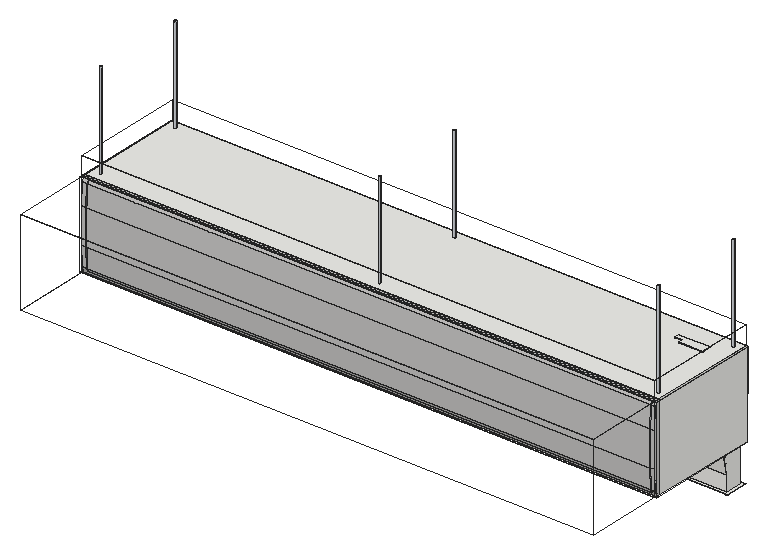
Revit family "AIRTECNICS_AIR CURTAIN_FLY KL_AIR ONLY (A)123", category Equipos mecánicos, Revit 2016
Family settings
  Tipo de pieza = Normal
  Cota de conector redondo = Diámetro de uso
  Número OmniClass = 23.75.70.21.17
  Título OmniClass = Air Curtains
  Se basa en plano de trabajo = No
  Siempre vertical = Sí
  Corte con vacíos al cargar = No
  Compartido = No
  Punto de cálculo de habitación = No
Parameters (values of type "FLY KL 3000 A")
  · OTHERS · [instance] = "-/ Select Supports - Inst.Maint. Space /-"  # constant formula
  · INSTALLATION CONFIGURATION · [instance] = "Horizontal"  # constant formula
  · HEATING · [instance] = "-/ Heating /-"  # constant formula
  · GRILLE TYPOLOGY · [instance] = "-/ Select one Grille Typology /-"  # constant formula
  Weight [instance] = size_lookup(Name_Lookup_Data, "Weight", 1.00 kg, CM, CT)  # 219.00 kg
  Voltage [instance] = 230 V  # constant formula
  URL_Manufacturer = "https://www.airtecnics.com"
  URL_Datasheet = "https://www.airtecnics.com/download/file/6904/fly-kl.pdf"
  Supports Length [instance] = 500.00 mm
  Supports (Horizontal) [instance] = yes
  Revit Version = "Revit 2016 - English"  # constant formula
  Review Date = "01/19"  # constant formula
  Remote Control = "-"  # constant formula
  Product Size = if(CT = 2, "1000", if(CT = 4, "1500", if(CT = 8, "2000", if(CT = 16, "2500", if(CT = 32, "3000", "Consult Manufacturer")))))  # "3000"
  Product Reference [instance] = size_lookup(Name_Lookup_Ref, "", "Consult Manufacturer", CM, CT)  # "FLY KL 3000 A"
  Product Heating [instance] = "Air"  # constant formula
  Product Description [instance] = size_lookup(Name_Lookup_Data, "", "Consult Manufacturer", CM, CT)  # "Specially designed for insects control at entranceways such as food establishments and industry, hospitals or clean zones.\r\nHigh velocity air barrier to prevent flying insects from entering a building.\r\nUp to 3 meters height doors according to NSF 37 standard.\r\nSelf-supporting casing construction made of galvanized steel plate, finished in structural epoxy-polyester painting white colour RAL9016 as standard. Other colours or stainless steel are available on request. \r\nLarge faceted inlet grille avoiding intensive maintenance. \r\nIncludes antiinsects outlet kit with anodized aluminium outlet vanes, airfoil shaped, adjustable from 0 to 15º each side.\r\nDouble-inlet centrifugal fans driven by an external rotor motor and low noise level. 5-speed selector. \r\n“A” type without heating, air only. \r\nIncludes Plug&Play Hand Auto control with 10m RJ45 cable and magnetical door contact. Optional: Clever control (programmable, automatic, intelligent, energy saving, Modbus RTU for BMS…)\r\nAir Volume: 12000 m3/h \r\nFans:  3,12 kW  13,2 A 230Vx1 50Hz\r\nDimensions: 600x650x3000 mm (depth, height, length)"
  Power Fans Factor [instance] = size_lookup(Name_Lookup_Data, "Power Fans Factor", 1, CM, CT)  # 0.98
  Power Fans [instance] = size_lookup(Name_Lookup_Data, "Power Fans", 1 kW, CM, CT)  # 3.12 kW
  Noise Level (dB(A)) [instance] = size_lookup(Name_Lookup_Data, "Noise Level (dB(A))", 1, CM, CT)  # 67
  Name_Lookup_Ref = "FLY KL_(A)_Ref_Lookup"  # constant formula
  Name_Lookup_Data = "FLY KL_(A)_Data_Lookup"  # constant formula
  Maximum Installation Height = 3000.00 mm  # constant formula
  Material Curtain [instance] = AIRTECNICS_White RAL 9016
  Length = L + Depth - Depth  # 3000.00 mm
  KI [instance] = yes
  K [instance] = not(KI)  # no
  IfcExportType = "CENTRIFUGALFORWARDCURVED"  # constant formula
  IfcExportAs = "IfcFanType"  # constant formula
  Horizontal [instance] = 1 = 1  # yes
  Height = 650.00 mm  # constant formula
  Frequency = 50 Hz  # constant formula
  Fans Stage = 5  # constant formula
  Family Version = "1.0"  # constant formula
  EC = yes
  Depth = 600.00 mm  # constant formula
  Current Fans [instance] = size_lookup(Name_Lookup_Data, "Current Fans", 1 A, CM, CT)  # 13.2 A
  Created by = "BIMETRICAL"  # constant formula
  Control [instance] = "CH-5HW-NE"  # constant formula
  Cable = "CB10"  # constant formula
  URL = "https://www.airtecnics.com/products/air-curtain-fly-kl"
  Modelo = "Air curtain Fly KL"  # constant formula
  L = 3000.00 mm
  Imagen de tipo = <Ninguno>
  Fabricante = "AIRTECNICS"  # constant formula
  Description = ""
  Comentarios de tipo = "Specially designed for insects control at entranceways such as food establishments and industry, hospitals or clean zones.\r\nHigh velocity air barrier to prevent flying insects from entering a building.\r\nUp to 3 meters height doors according to NSF 37 standard.\r\nSelf-supporting casing construction made of galvanized steel plate, finished in structural epoxy-polyester painting white colour RAL9016 as standard. Other colours or stainless steel are available on request.\r\nLarge faceted inlet grille avoiding intensive maintenance.\r\nIncludes antiinsects outlet kit with anodized aluminium outlet vanes, airfoil shaped, adjustable from 0 to 15º each side.\r\nIncludes Plug&Play Hand Auto control with 10m RJ45 cable and magnetical door contact. Optional: Clever control (programmable, automatic, intelligent, energy saving, Modbus RTU for BMS…)"  # constant formula
  CT = if(L = 1000.00 mm, 2, 0) + if(L = 1500.00 mm, 4, 0) + if(L = 2000.00 mm, 8, 0) + if(L = 2500.00 mm, 16, 0) + if(L = 3000.00 mm, 32, 0)  # 32
  CM = 12  # constant formula
  BIMETRICAL Category = "Fan"  # constant formula
  BIMETRICAL = "http://www.bimetrical.com/"  # constant formula
  Aspiration/Maintenance Space [instance] = yes
  Apparent Load [instance] = size_lookup(Name_Lookup_Data, "Apparent Load", 1 VA, CM, CT)  # 3184 VA
  Airflow [instance] = size_lookup(Name_Lookup_Data, "Airflow", 1 m³/h, CM, CT)  # 12000 m³/h
  A [instance] = 1 = 1  # yes
Types (5, lengths in mm): name | Weight | Product Size | Product Reference | Product Description | Power Fans | Noise Level (dB(A)) | Length | KI | K | Current Fans | L | CT | Apparent Load | Airflow
  FLY KL 1000 A | 74.00 kg | "1000" | "FLY KL 1000 A" | "Specially designed for insects control at entranceways such as food establishments and industry, hospitals or clean zones.\r\nHigh velocity air barrier to prevent flying insects from entering a building.\r\nUp to 3 meters height doors according to NSF 37 standard.\r\nSelf-supporting casing construction made of galvanized steel plate, finished in structural epoxy-polyester painting white colour RAL9016 as standard. Other colours or stainless steel are available on request. \r\nLarge faceted inlet grille avoiding intensive maintenance. \r\nIncludes antiinsects outlet kit with anodized aluminium outlet vanes, airfoil shaped, adjustable from 0 to 15º each side.\r\nDouble-inlet centrifugal fans driven by an external rotor motor and low noise level. 5-speed selector. \r\n“A” type without heating, air only. \r\nIncludes Plug&Play Hand Auto control with 10m RJ45 cable and magnetical door contact. Optional: Clever control (programmable, automatic, intelligent, energy saving, Modbus RTU for BMS…)\r\nAir Volume: 4000 m3/h \r\nFans:  1,04 kW  4,4 A 230Vx1 50Hz\r\nDimensions: 600x650x1000 mm (depth, height, length)" | 1.04 kW | 63 | 1000.00 | no | yes | 4.4 A | 1000.00 | 2 | 1061 VA | 4000 m³/h
  FLY KL 1500 A | 111.00 kg | "1500" | "FLY KL 1500 A" | "Specially designed for insects control at entranceways such as food establishments and industry, hospitals or clean zones.\r\nHigh velocity air barrier to prevent flying insects from entering a building.\r\nUp to 3 meters height doors according to NSF 37 standard.\r\nSelf-supporting casing construction made of galvanized steel plate, finished in structural epoxy-polyester painting white colour RAL9016 as standard. Other colours or stainless steel are available on request. \r\nLarge faceted inlet grille avoiding intensive maintenance. \r\nIncludes antiinsects outlet kit with anodized aluminium outlet vanes, airfoil shaped, adjustable from 0 to 15º each side.\r\nDouble-inlet centrifugal fans driven by an external rotor motor and low noise level. 5-speed selector. \r\n“A” type without heating, air only. \r\nIncludes Plug&Play Hand Auto control with 10m RJ45 cable and magnetical door contact. Optional: Clever control (programmable, automatic, intelligent, energy saving, Modbus RTU for BMS…)\r\nAir Volume: 6000 m3/h \r\nFans:  1,56 kW  6,6 A 230Vx1 50Hz\r\nDimensions: 600x650x1500 mm (depth, height, length)" | 1.56 kW | 64 | 1500.00 | no | yes | 6.6 A | 1500.00 | 4 | 1592 VA | 6000 m³/h
  FLY KL 2000 A | 149.00 kg | "2000" | "FLY KL 2000 A" | "Specially designed for insects control at entranceways such as food establishments and industry, hospitals or clean zones.\r\nHigh velocity air barrier to prevent flying insects from entering a building.\r\nUp to 3 meters height doors according to NSF 37 standard.\r\nSelf-supporting casing construction made of galvanized steel plate, finished in structural epoxy-polyester painting white colour RAL9016 as standard. Other colours or stainless steel are available on request. \r\nLarge faceted inlet grille avoiding intensive maintenance. \r\nIncludes antiinsects outlet kit with anodized aluminium outlet vanes, airfoil shaped, adjustable from 0 to 15º each side.\r\nDouble-inlet centrifugal fans driven by an external rotor motor and low noise level. 5-speed selector. \r\n“A” type without heating, air only. \r\nIncludes Plug&Play Hand Auto control with 10m RJ45 cable and magnetical door contact. Optional: Clever control (programmable, automatic, intelligent, energy saving, Modbus RTU for BMS…)\r\nAir Volume: 8000 m3/h \r\nFans:  2,08 kW  8,8 A 230Vx1 50Hz\r\nDimensions: 600x650x2000 mm (depth, height, length)" | 2.08 kW | 65 | 2000.00 | no | yes | 8.8 A | 2000.00 | 8 | 2122 VA | 8000 m³/h
  FLY KL 2500 A | 182.00 kg | "2500" | "FLY KL 2500 A" | "Specially designed for insects control at entranceways such as food establishments and industry, hospitals or clean zones.\r\nHigh velocity air barrier to prevent flying insects from entering a building.\r\nUp to 3 meters height doors according to NSF 37 standard.\r\nSelf-supporting casing construction made of galvanized steel plate, finished in structural epoxy-polyester painting white colour RAL9016 as standard. Other colours or stainless steel are available on request. \r\nLarge faceted inlet grille avoiding intensive maintenance. \r\nIncludes antiinsects outlet kit with anodized aluminium outlet vanes, airfoil shaped, adjustable from 0 to 15º each side.\r\nDouble-inlet centrifugal fans driven by an external rotor motor and low noise level. 5-speed selector. \r\n“A” type without heating, air only. \r\nIncludes Plug&Play Hand Auto control with 10m RJ45 cable and magnetical door contact. Optional: Clever control (programmable, automatic, intelligent, energy saving, Modbus RTU for BMS…)\r\nAir Volume: 10000 m3/h \r\nFans:  2,6 kW  11 A 230Vx1 50Hz\r\nDimensions: 600x650x2500 mm (depth, height, length)" | 2.6 kW | 66 | 2500.00 | no | yes | 11 A | 2500.00 | 16 | 2653 VA | 10000 m³/h
  FLY KL 3000 A | 219.00 kg | "3000" | "FLY KL 3000 A" | "Specially designed for insects control at entranceways such as food establishments and industry, hospitals or clean zones.\r\nHigh velocity air barrier to prevent flying insects from entering a building.\r\nUp to 3 meters height doors according to NSF 37 standard.\r\nSelf-supporting casing construction made of galvanized steel plate, finished in structural epoxy-polyester painting white colour RAL9016 as standard. Other colours or stainless steel are available on request. \r\nLarge faceted inlet grille avoiding intensive maintenance. \r\nIncludes antiinsects outlet kit with anodized aluminium outlet vanes, airfoil shaped, adjustable from 0 to 15º each side.\r\nDouble-inlet centrifugal fans driven by an external rotor motor and low noise level. 5-speed selector. \r\n“A” type without heating, air only. \r\nIncludes Plug&Play Hand Auto control with 10m RJ45 cable and magnetical door contact. Optional: Clever control (programmable, automatic, intelligent, energy saving, Modbus RTU for BMS…)\r\nAir Volume: 12000 m3/h \r\nFans:  3,12 kW  13,2 A 230Vx1 50Hz\r\nDimensions: 600x650x3000 mm (depth, height, length)" | 3.12 kW | 67 | 3000.00 | yes | no | 13.2 A | 3000.00 | 32 | 3184 VA | 12000 m³/h
Reference planes
  plane 1 "Centro (Frontal/Posterior)": z = 0
  plane 2: y = 246.57
  plane 3 "Centro (Izquierda/Derecha)": x = 0
  plane 4: z = 0
Lines and regions (mm)
  reference lines
    curve 1: line (0, 246.57, -130) -> (0, 246.57, 0)
Dimensions and locks
  plane 4 to plane 1 "Centro (Frontal/Posterior)" = 0.00 mm
  nested 1 to nested 1 = 0.00 mm
  angle plane 1 "Centro (Frontal/Posterior)" to curve 1 = 90.00°
Nested families
  nested 1: "GEOM_FLY KLXL" at (0, 0, -130), K <- "K", KI <- "KI", Support Length <- "Supports Length", Aspiration/Maintenance Space <- "Aspiration/Maintenance Space", Supports (Horizontal) <- "Supports (Horizontal)", type "GEOM_FLY KLXL"
    with VSSL yes, VSSC yes, Supports (Horizontal) yes, Support Length 500.00 mm, Outlet Kit Length 0.00 mm, OK no, L6 30.00 mm, L4 2955.00 mm, L3 500.00 mm, L2 86.70 mm, L1* 983.00 mm, L1 1008.50 mm, KI yes, K no, Inlet Kit Length 0.00 mm, Grille none, Free Hanging yes, CG 4, CC 0, Aspiration/Maintenance Space yes, L 3000.00 mm
Connectors
  electrical at (1287.857, 410.313, 321), driven by "Voltage", driven by "Apparent Load", driven by "Apparent Load", driven by "Power Fans Factor"
    settings: on nested 1, index 1, voltage 230 V, apparent load 3184 VA, apparent load phase1 3184 VA, apparent load phase2 0 VA, apparent load phase3 0 VA, power factor 0.98, load classification "HVAC", number of poles 1, system type 30, power factor state 1, is connector primary yes, connector utility no, sub classification motor no, connector description ""
Definition of nested family "GEOM_FLY KLXL"
  Parameters (values of type "GEOM_FLY KLXL")
    VSSL [instance] = if(and([Supports (Horizontal)], Free Hanging, [Supports (Horizontal)], Support Length > 0.00 mm), 1 = 1, 1 = 0)  # yes
    VSSC [instance] = if(and([Supports (Horizontal)], Free Hanging, [Supports (Horizontal)], Support Length > 0.00 mm, L > 1000.00 mm), 1 = 1, 1 = 0)  # yes
    Supports (Horizontal) [instance] = yes
    Support Length [instance] = 100.00 mm
    Revit Version = "Revit 2016 - English"  # constant formula
    Review Date = "01/19"  # constant formula
    Material = none
    L6 [instance] = if(CG < 4, 14.40 mm, 30.00 mm)  # 30.00 mm
    L4 [instance] = L - 8.00 mm - 37.00 mm  # 2455.00 mm
    L1* [instance] = if(L < 2500.00 mm, 0.00 mm, if(L = 2500.00 mm, 825.00 mm, 983.00 mm))  # 825.00 mm
    KI [instance] = not(K)  # yes
    L2 [instance] = 86.70 mm  # constant formula
    L3 [instance] = if(Support Length = 0.00 mm, 0.00 mm, Support Length)  # 100.00 mm
    L1 [instance] = if(L < 2500.00 mm, (L / 2), if(L = 2500.00 mm, 837.50 mm, 1008.50 mm))  # 837.50 mm
    K [instance] = no
    OK [instance] = if(or(CC = 2, CC = 4, CC = 16), 1 = 1, 1 = 0)  # yes
    Grille KI = GEOM_WINDBOX LXL_GRILLE : KI
    Grille K = GEOM_WINDBOX LXL_GRILLE : KB
    Grille [instance] = if(KI, Grille KI, Grille K)  # GEOM_WINDBOX LXL_GRILLE : KI
    Free Hanging [instance] = 1 = 1  # yes
    Family Version = "1.0"  # constant formula
    Default Elevation = 1219.20 mm
    Created by = "BIMETRICAL"  # constant formula
    CG [instance] = if(KI, 4, 8)  # 4
    CC [instance] = 2
    URL = ""
    Model = "Air curtain FLY KL"  # constant formula
    L = 2500.00 mm
    Type Image = (empty or 0)
    Manufacturer = "AIRTECNICS"  # constant formula
    Outlet Kit Length [instance] = 0.00 mm  # constant formula
    Inlet Kit Length [instance] = 0.00 mm  # constant formula
    Description = "AIRTECNICS_Air curtain FLY KL"  # constant formula
    Type Comments = ""
    BIMETRICAL Category = "Fan"  # constant formula
    BIMETRICAL = "http://www.bimetrical.com/"  # constant formula
    Aspiration/Maintenance Space [instance] = no
  Types (2, lengths in mm): name | VSSL | VSSC | Supports (Horizontal) | L4 | L1* | L1 | OK | CC | L
    GEOM_FLY KLXL | yes | yes | yes | 2455.00 | 825.00 | 837.50 | yes | 2 | 2500.00
    GEOM_FLY KL | no | no | no | 2955.00 | 983.00 | 1008.50 | no | 0 | 3000.00
  Reference planes
    plane 1 "Centro (Frontal/Posterior)": z = 0
    plane 2: y = 246.57
    plane 3 "Centro (Izquierda/Derecha)": x = 0
    plane 4: z = 450
    plane 5: x = -1250
    plane 6: x = 1250
    plane 7: x = -1210
    plane 8: x = 1210
    plane 9: z = 0
    plane 10: z = 130
    plane 11: x = 1225
    plane 12: y = 531.57
    plane 13: y = -38.43
    plane 14: y = 496.57
    plane 15: y = 6.57
    plane 16: y = 496.57
    plane 17: y = 6.57
    plane 18: z = 432
    plane 19: z = 239
    plane 20: x = 1246
    plane 21: x = -1246
    plane 22: x = -1246
    plane 23: x = 1246
    plane 24: x = -1227
    plane 25: x = 1227
    plane 26: x = -420.5
    plane 27: x = -426.5
    plane 28: x = -404.5
    plane 29: x = -398.5
    plane 30: x = -412.5
    plane 31: x = -420.5
    plane 32: x = -426.5
    plane 33: x = -404.5
    plane 34: x = -398.5
    plane 35: x = -412.5
    plane 36: x = 404.5
    plane 37: x = 398.5
    plane 38: x = 420.5
    plane 39: x = 426.5
    plane 40: x = 412.5
    plane 41: z = 225
  Forms (mm)
    Extrusion 1, solid, material <- "Material"
      sketch origin (0, 0, 0) x (1, 0, 0) y (0, 1, 0)
        loop
          line (-1250, 531.57) -> (-1250, -38.43) -> (1250, -38.43) -> (1250, 531.57) -> (-1250, 531.57)
      from 0 to 450
    Extrusion 2, solid, material <- "Material"
      sketch origin (559.734, 0, 191) x (1, 0, 0) y (0, 1, 0)
        loop
          line (582.918, 430.448) -> (455.516, 430.448) -> (455.516, 426.451) -> (418.544, 426.451) -> (418.544, 403.169) -> (455.516, 403.169) -> (455.516, 381.186) -> (582.918, 381.186) -> (582.918, 430.448)
      from 260 to 259
    Extrusion 3, solid, material <- "Material"
      sketch origin (0, 90, -82) x (0, 1, 0) y (0, 0, 1)
        loop
          line (424.72, 72.4) -> (424.72, 81) -> (422.72, 81) -> (422.72, 72.4) -> (422.72, -117) -> (424.72, -117) -> (424.72, 72.4)
        loop
          line (343.648, -38.617) -> (343.648, -117) -> (345.648, -117) -> (345.648, -38.418) -> (321.634, 81) -> (319.594, 81) -> (343.648, -38.617)
      from -1226 to 1226
    Extrusion 4, solid, visible <- "VSSL", not visible
      sketch origin (-399.625, -328.372, -84.071) x (0, 1, 0) y (0, 0, 1)
        loop
          line (332.442, 36.993) -> (332.442, 4.993) -> (364.442, 4.993) -> (364.442, 36.993) -> (332.442, 36.993)
      from -22.292 to -19.292
    Extrusion 5, solid, visible <- "VSSL", not visible
      sketch origin (-405.978, -340.372, -103.071) x (0, 1, 0) y (0, 0, 1)
        loop
          line (325.442, 75.234) -> (325.442, 5.234) -> (395.442, 5.234) -> (395.442, 75.234) -> (325.442, 75.234)
      from -12.939 to -0.939
    Extrusion 6, solid, visible <- "VSSL", not visible
      sketch origin (-384.625, -328.372, -84.071) x (0, 1, 0) y (0, 0, 1)
        loop
          line (332.442, 36.993) -> (332.442, 4.993) -> (364.442, 4.993) -> (364.442, 36.993) -> (332.442, 36.993)
      from -22.292 to -19.292
    Extrusion 7, solid, not visible
      sketch origin (-1202.417, -101.872, 27.291) x (0, 1, 0) y (0, 0, 1)
        loop
          line (332.442, 37.234) -> (332.442, 5.234) -> (364.442, 5.234) -> (364.442, 37.234) -> (332.442, 37.234)
      from -3 to 3
    Extrusion 8, solid, visible <- "VSSL"
      sketch origin (-2000, -1524, 450) x (-1, 0, 0) y (0, -1, 0)
        loop
          circle (-790, -2020.57) r 5
        loop
          circle (-790, -1530.57) r 5
        loop
          circle (-3210, -1530.57) r 5
        loop
          circle (-3210, -2020.57) r 5
      from -2 to 100
    Extrusion 9, solid, visible <- "VSSC"
      sketch origin (-2000, -1524, 450) x (-1, 0, 0) y (0, -1, 0)
        loop
          circle (-2000, -1530.57) r 5
        loop
          circle (-2000, -2020.57) r 5
      from -2 to 100
    Extrusion 10, solid, visible <- "Aspiration/Maintenance Space"
      sketch origin (0, 0, 0) x (1, 0, 0) y (0, 1, 0)
        loop
          line (-1250, 531.57) -> (-1260, 531.57) -> (-1260, -68.43) -> (-1250, -68.43) -> (-1250, 531.57)
        loop
          line (1250, 531.57) -> (1250, -68.43) -> (1260, -68.43) -> (1260, 531.57) -> (1250, 531.57)
      from 0 to 450
    Extrusion 11, solid, visible <- "Aspiration/Maintenance Space"
      sketch origin (0, 0, 0) x (1, 0, 0) y (0, 1, 0)
        loop
          line (-1250, -68.43) -> (-1250, -468.43) -> (1250, -468.43) -> (1250, -68.43) -> (-1250, -68.43)
      from 0 to 450
    Extrusion 12, solid, visible <- "Aspiration/Maintenance Space"
      sketch origin (0, 0, 0) x (0, 1, 0) y (0, 0, 1)
        loop
          line (531.57, 450) -> (531.57, 550) -> (-68.43, 550) -> (-68.43, 450) -> (531.57, 450)
      from -1250 to 1250
    Extrusion 13, solid, material <- "Material"
      sketch origin (0, 433.72, -199) x (1, 0, 0) y (0, -1, 0)
        loop
          line (1227, 0) -> (-1227, 0) -> (-1227, -81) -> (1227, -81) -> (1227, 0)
        loop
          line (1246, -100) -> (1246, 19) -> (-1246, 19) -> (-1246, -100) -> (1246, -100)
      from 0 to 1
    Extrusion 14, solid, material <- "Material"
      sketch origin (0, 433.72, 0) x (1, 0, 0) y (0, -1, 0)
        loop
          line (1227, -81) -> (1227, 24.126) -> (-1227, 24.126) -> (-1227, -81) -> (1227, -81)
        loop
          line (1246, -94) -> (1246, 37.086) -> (-1246, 37.086) -> (-1246, -94) -> (1246, -94)
      from 0 to 1
    Extrusion 15, solid, material <- "Material"
      sketch origin (1477, 565.946, 1201) x (0, 1, 0) y (0, 0, 1)
        loop
          line (-51.227, -1201) -> (-156.554, -1201) -> (-132.298, -1321.617) -> (-132.298, -1400) -> (-51.227, -1400) -> (-51.227, -1209.6) -> (-51.227, -1201)
      from -250 to -251
    Extrusion 16, solid, material <- "Material"
      sketch origin (-1472.5, 565.946, 1201) x (0, 1, 0) y (0, 0, -1)
        loop
          line (-51.227, 1201) -> (-51.227, 1209.6) -> (-51.227, 1400) -> (-132.298, 1400) -> (-132.298, 1321.617) -> (-156.554, 1201) -> (-51.227, 1201)
      from -246.5 to -245.5
    Extrusion 17, solid
      sketch origin (66.939, 117.328, -205.234) x (0, 1, 0) y (0, 0, 1)
        loop
          line (318.32, 75.234) -> (318.32, 5.234) -> (395.442, 5.234) -> (395.442, 75.234) -> (318.32, 75.234)
      from -487.439 to -471.439
    Extrusion 18, solid
      sketch origin (70.292, 125.767, -186.234) x (0, 1, 0) y (0, 0, 1)
        loop
          line (349.842, 36.993) -> (349.842, 4.993) -> (385.552, 4.993) -> (385.552, 36.993) -> (349.842, 36.993)
        loop
          line (347.042, 36.993) -> (311.332, 36.993) -> (311.332, 4.993) -> (347.042, 4.993) -> (347.042, 36.993)
      from -496.792 to -490.792
    Extrusion 19, solid
      sketch origin (92.292, 125.767, -186.234) x (0, 1, 0) y (0, 0, 1)
        loop
          line (349.842, 36.993) -> (349.842, 4.993) -> (385.552, 4.993) -> (385.552, 36.993) -> (349.842, 36.993)
        loop
          line (347.042, 36.993) -> (311.332, 36.993) -> (311.332, 4.993) -> (347.042, 4.993) -> (347.042, 36.993)
      from -496.792 to -490.792
    Extrusion 20, solid, not visible
      sketch origin (66.939, 117.328, -205.234) x (0, 1, 0) y (0, 0, 1)
        loop
          line (318.32, 75.234) -> (318.32, 5.234) -> (395.442, 5.234) -> (395.442, 75.234) -> (318.32, 75.234)
      from -487.439 to -471.439
    Extrusion 21, solid, not visible
      sketch origin (70.292, 125.767, -186.234) x (0, 1, 0) y (0, 0, 1)
        loop
          line (349.842, 36.993) -> (349.842, 4.993) -> (385.552, 4.993) -> (385.552, 36.993) -> (349.842, 36.993)
        loop
          line (347.042, 36.993) -> (311.332, 36.993) -> (311.332, 4.993) -> (347.042, 4.993) -> (347.042, 36.993)
      from -496.792 to -490.792
    Extrusion 22, solid, not visible
      sketch origin (92.292, 125.767, -186.234) x (0, 1, 0) y (0, 0, 1)
        loop
          line (349.842, 36.993) -> (349.842, 4.993) -> (385.552, 4.993) -> (385.552, 36.993) -> (349.842, 36.993)
        loop
          line (347.042, 36.993) -> (311.332, 36.993) -> (311.332, 4.993) -> (347.042, 4.993) -> (347.042, 36.993)
      from -496.792 to -490.792
    Extrusion 23, solid
      sketch origin (891.939, 117.328, -205.234) x (0, 1, 0) y (0, 0, 1)
        loop
          line (318.32, 75.234) -> (318.32, 5.234) -> (395.442, 5.234) -> (395.442, 75.234) -> (318.32, 75.234)
      from -487.439 to -471.439
    Extrusion 24, solid
      sketch origin (895.292, 125.767, -186.234) x (0, 1, 0) y (0, 0, 1)
        loop
          line (349.842, 36.993) -> (349.842, 4.993) -> (385.552, 4.993) -> (385.552, 36.993) -> (349.842, 36.993)
        loop
          line (347.042, 36.993) -> (311.332, 36.993) -> (311.332, 4.993) -> (347.042, 4.993) -> (347.042, 36.993)
      from -496.792 to -490.792
    Extrusion 25, solid
      sketch origin (917.292, 125.767, -186.234) x (0, 1, 0) y (0, 0, 1)
        loop
          line (349.842, 36.993) -> (349.842, 4.993) -> (385.552, 4.993) -> (385.552, 36.993) -> (349.842, 36.993)
        loop
          line (347.042, 36.993) -> (311.332, 36.993) -> (311.332, 4.993) -> (347.042, 4.993) -> (347.042, 36.993)
      from -496.792 to -490.792
    Extrusion 26, solid
      sketch origin (-1227, -1524, -200) x (0, 0, 1) y (0, -1, 0)
        loop
          line (50.759, -1999.609) -> (18.759, -1999.609) -> (18.759, -2035.319) -> (50.759, -2035.319) -> (50.759, -1999.609)
        loop
          line (50.759, -1996.809) -> (50.759, -1961.099) -> (18.759, -1961.099) -> (18.759, -1996.809) -> (50.759, -1996.809)
      from 1 to 6
    Extrusion 27, solid
      sketch origin (1227, -1524, -200) x (0, 0, 1) y (0, -1, 0)
        loop
          line (50.759, -1999.609) -> (18.759, -1999.609) -> (18.759, -2035.319) -> (50.759, -2035.319) -> (50.759, -1999.609)
        loop
          line (50.759, -1996.809) -> (50.759, -1961.099) -> (18.759, -1961.099) -> (18.759, -1996.809) -> (50.759, -1996.809)
      from -1 to -7
    Extrusion 28, solid
      sketch origin (0, 0, 0) x (0, 1, 0) y (0, 0, 1)
        loop
          line (483.491, -140.964) -> (485.889, -195.559)
          arc (485.889, -195.559) -> (487.337, -196.945) -> (488.786, -195.559) r 1.45
          line (488.786, -195.559) -> (491.184, -140.964)
          arc (491.184, -140.964) -> (487.337, -136.945) -> (483.491, -140.964) r 3.85
        loop
          line (457.142, -140.964) -> (459.54, -195.559)
          arc (459.54, -195.559) -> (460.989, -196.945) -> (462.437, -195.559) r 1.45
          line (462.437, -195.559) -> (464.835, -140.964)
          arc (464.835, -140.964) -> (460.989, -136.945) -> (457.142, -140.964) r 3.85
      from -1221 to 1220
  Cuts and joins
    joined: Extrusion 3, Extrusion 13, Extrusion 14
  Lines and regions (mm)
    symbolic lines, visible <- "Aspiration/Maintenance Space"
      curve 1: line (-1250, 531.57, 0) -> (-1260, 531.57, 0)
      curve 2: line (-1260, 531.57, 0) -> (-1260, -68.43, 0)
      curve 3: line (-1260, -68.43, 0) -> (-1250, -68.43, 0)
      curve 4: line (-1250, -68.43, 0) -> (-1250, -268.43, 0)
      curve 5: line (-1250, -268.43, 0) -> (1250, -268.43, 0)
      curve 6: line (1250, -268.43, 0) -> (1250, -68.43, 0)
      curve 7: line (1250, -68.43, 0) -> (1260, -68.43, 0)
      curve 8: line (1260, -68.43, 0) -> (1260, 531.57, 0)
      curve 16: line (0, 531.57, 450) -> (0, 531.57, 550)
      curve 17: line (0, 531.57, 550) -> (0, -68.43, 550)
      curve 18: line (0, -68.43, 550) -> (0, -68.43, 450)
      curve 19: line (0, -68.43, 450) -> (0, -468.43, 450)
      curve 20: line (0, -468.43, 450) -> (0, -468.43, 0)
      curve 21: line (0, -468.43, 0) -> (0, -38.43, 0)
      curve 22: line (-1250, 246.57, 0) -> (-1260, 246.57, 0)
      curve 23: line (-1260, 246.57, 0) -> (-1260, 246.57, 450)
      curve 24: line (-1260, 246.57, 450) -> (-1250, 246.57, 450)
      curve 25: line (-1250, 246.57, 450) -> (-1250, 246.57, 550)
      curve 26: line (-1250, 246.57, 550) -> (1250, 246.57, 550)
      curve 27: line (1250, 246.57, 550) -> (1250, 246.57, 450)
      curve 28: line (1250, 246.57, 450) -> (1260, 246.57, 450)
      curve 29: line (1260, 246.57, 450) -> (1260, 246.57, 0)
      curve 30: line (1260, 246.57, 0) -> (1250, 246.57, 0)
      curve 31: line (1260, 531.57, 0) -> (1250, 531.57, 0)
    symbolic lines
      curve 9: line (-1250, 531.57, 0) -> (1250, 531.57, 0)
      curve 10: line (-1250, -38.43, 0) -> (-1250, 531.57, 0)
      curve 11: line (1250, -38.43, 0) -> (-1250, -38.43, 0)
      curve 12: line (1250, 531.57, 0) -> (1250, -38.43, 0)
      curve 13: line (-1250, -38.43, 0) -> (-1250, -68.43, 0)
      curve 14: line (-1250, -68.43, 0) -> (1250, -68.43, 0)
      curve 15: line (1250, -68.43, 0) -> (1250, -38.43, 0)
      curve 32: line (-1221, 491.187, -200.041) -> (1220, 491.187, -200.041)
      curve 33: line (-1221, 483.487, -200.041) -> (-1221, 491.187, -200.041)
      curve 34: line (1220, 483.487, -200.041) -> (-1221, 483.487, -200.041)
      curve 35: line (1220, 491.187, -200.041) -> (1220, 483.487, -200.041)
      curve 36: line (-1221, 464.835, -200.041) -> (1220, 464.835, -200.041)
      curve 37: line (-1221, 457.139, -200.041) -> (-1221, 464.835, -200.041)
      curve 38: line (1220, 457.139, -200.041) -> (-1221, 457.139, -200.041)
      curve 39: line (1220, 464.835, -200.041) -> (1220, 457.139, -200.041)
  Dimensions and locks
    locked: plane 4 to plane 1 "Centro (Frontal/Posterior)" at 450
    "L": plane 5 to plane 6
    locked: plane 5 to plane 7 at 40
    locked: plane 8 to plane 6 at 40
    plane 1 "Centro (Frontal/Posterior)" to plane 10 = 130.00 mm
    equal spacing: Extrusion 1 sketch curve, plane 2, Extrusion 1 sketch curve
    locked: plane 2 to Extrusion 1 sketch curve at 285
    locked: plane 11 to plane 6 at 25
    locked: Extrusion 4 sketch curve to Extrusion 4 sketch curve at 32  (x2)
    Extrusion 5 sketch curve to Extrusion 5 sketch curve = 70.00 mm
    locked: Extrusion 6 sketch curve to Extrusion 6 sketch curve at 32  (x2)
    locked: Extrusion 7 sketch curve to Extrusion 7 sketch curve at 32  (x2)
    equal spacing: plane 13, plane 2, plane 12
    plane 12 to plane 13 = 570.00 mm
    locked: plane 14 to plane 12 at 35
    locked: plane 15 to plane 14 at 490
    "L3": Extrusion 8 to plane 4
    plane 12 to plane 16 to plane 17 = 35.00 mm locked, 490.00 mm locked
    "L3": Extrusion 9 to plane 4
    locked: plane 18 to plane 4 at 18
    locked: plane 19 to plane 18 at 193
    locked: Extrusion 10 sketch curve to plane 5 at 10
    locked: plane 6 to Extrusion 10 sketch curve at 10
    locked: Extrusion 11 sketch curve to Extrusion 11 sketch curve at 400
    plane 13 to Extrusion 12 = 30.00 mm
    "L6": plane 13 to Extrusion 12 sketch curve
    "L6": Extrusion 10 sketch curve to plane 13
    "L6": plane 13 to Extrusion 10 sketch curve
    "L6": curve 14 to plane 13
    "L6": plane 13 to Extrusion 11
    plane 4 to plane 9 = 450.00 mm
    locked: Extrusion 2 to plane 4 at 1
    locked: Extrusion 2 sketch curve to Extrusion 2 sketch curve at 36.972
    locked: Extrusion 2 sketch curve to Extrusion 2 sketch curve at 127.402
    locked: Extrusion 2 sketch curve to plane 6 at 107.349
    locked: Extrusion 2 sketch curve to Extrusion 2 sketch curve at 49.262
    Extrusion 13 to plane 9 = 200.00 mm
    locked: plane 6 to plane 20 at 4
    locked: plane 21 to plane 5 at 4
    equal spacing: plane 5, plane 3 "Centro (Izquierda/Derecha)", plane 6
    locked: plane 5 to plane 22 at 4
    locked: plane 23 to plane 6 at 4
    locked: Extrusion 13 sketch curve to plane 23 at 19
    locked: plane 22 to Extrusion 13 sketch curve at 19
    locked: plane 24 to plane 5 at 23
    locked: Extrusion 16 to plane 24 at 1
    locked: plane 6 to plane 25 at 23
    locked: Extrusion 15 to plane 25 at 1
    Extrusion 17 sketch curve to Extrusion 17 sketch curve = 70.00 mm
    plane 27 to plane 26 to plane 30 to plane 28 to plane 29 = 6.00 mm locked, 8.00 mm locked, 8.00 mm locked, 6.00 mm locked
    "L1": plane 5 to plane 30
    Extrusion 20 sketch curve to Extrusion 20 sketch curve = 70.00 mm
    plane 32 to plane 31 to plane 35 to plane 33 to plane 34 = 6.00 mm locked, 8.00 mm locked, 8.00 mm locked, 6.00 mm locked
    Extrusion 23 sketch curve to Extrusion 23 sketch curve = 70.00 mm
    plane 37 to plane 36 to plane 40 to plane 38 to plane 39 = 6.00 mm locked, 8.00 mm locked, 8.00 mm locked, 6.00 mm locked  (x2)
    group 3 to group 7 = 825.00 mm
    group 3 to group 7 = 0.00 mm  (x2)
    "L1*": plane 30 to plane 40
    locked: Extrusion 18 sketch curve to Extrusion 18 sketch curve at 32  (x2)
    locked: Extrusion 18 sketch curve to Extrusion 18 sketch curve at 35.71  (x2)
    locked: Extrusion 19 sketch curve to Extrusion 19 sketch curve at 32  (x2)
    locked: Extrusion 19 sketch curve to Extrusion 19 sketch curve at 35.71  (x2)
    locked: Extrusion 21 sketch curve to Extrusion 21 sketch curve at 32  (x2)
    locked: Extrusion 21 sketch curve to Extrusion 21 sketch curve at 35.71  (x2)
    locked: Extrusion 22 sketch curve to Extrusion 22 sketch curve at 32  (x2)
    locked: Extrusion 22 sketch curve to Extrusion 22 sketch curve at 35.71  (x2)
    locked: Extrusion 24 sketch curve to Extrusion 24 sketch curve at 32  (x2)
    locked: Extrusion 24 sketch curve to Extrusion 24 sketch curve at 35.71  (x2)
    locked: Extrusion 25 sketch curve to Extrusion 25 sketch curve at 32  (x2)
    locked: Extrusion 25 sketch curve to Extrusion 25 sketch curve at 35.71  (x2)
    locked: Extrusion 26 sketch curve to Extrusion 26 sketch curve at 32  (x2)
    locked: Extrusion 26 sketch curve to Extrusion 26 sketch curve at 35.71  (x2)
    locked: Extrusion 26 to plane 24 at 6
    locked: Extrusion 27 sketch curve to Extrusion 27 sketch curve at 32  (x2)
    locked: Extrusion 27 sketch curve to Extrusion 27 sketch curve at 35.71  (x2)
    equal spacing: plane 4, plane 41, plane 9
    aligned and locked: plane 5 to Extrusion 1 sketch curve
    aligned and locked: plane 6 to Extrusion 1 sketch curve
    aligned and locked: plane 4 to Extrusion 1
    aligned and locked: plane 7 to Extrusion 8 sketch curve
    aligned and locked: plane 8 to Extrusion 8 sketch curve  (x2)
    aligned and locked: plane 3 "Centro (Izquierda/Derecha)" to Extrusion 9 sketch curve  (x2)
    aligned and locked: Extrusion 11 sketch curve to plane 5
    aligned and locked: plane 6 to Extrusion 11 sketch curve
    aligned and locked: plane 4 to Extrusion 10
    aligned and locked: plane 4 to Extrusion 11
    aligned and locked: Extrusion 12 to plane 5
    aligned and locked: Extrusion 12 to plane 6
    aligned and locked: Extrusion 10 to curve 10
    aligned and locked: curve 18 to Extrusion 12
    aligned and locked: Extrusion 12 to curve 31
    aligned and locked: Extrusion 10 to curve 31
    aligned and locked: plane 23 to Extrusion 13 sketch curve
    aligned and locked: Extrusion 13 sketch curve to plane 22
    aligned and locked: cut or joined group of Extrusion 3, Extrusion 13, Extrusion 14 to Extrusion 15
    aligned and locked: Extrusion 16 to plane 24
    aligned and locked: cut or joined group of Extrusion 3, Extrusion 13, Extrusion 14 to Extrusion 16
    aligned and locked: plane 25 to Extrusion 15
    aligned and locked: plane 23 to Extrusion 14 sketch curve
    aligned and locked: Extrusion 14 sketch curve to Extrusion 15
    aligned and locked: plane 22 to Extrusion 14 sketch curve
    aligned and locked: Extrusion 14 sketch curve to Extrusion 16
    aligned and locked: plane 27 to Extrusion 18
    aligned and locked: plane 26 to Extrusion 17
    aligned and locked: plane 26 to Extrusion 18
    aligned and locked: Extrusion 17 to plane 28
    aligned and locked: plane 28 to Extrusion 19
    aligned and locked: plane 29 to Extrusion 19
    aligned and locked: plane 37 to Extrusion 24
    aligned and locked: plane 36 to Extrusion 23
    aligned and locked: plane 36 to Extrusion 24
    aligned and locked: Extrusion 23 to plane 38
    aligned and locked: plane 38 to Extrusion 25
    aligned and locked: plane 39 to Extrusion 25
    aligned and locked: cut or joined group of Extrusion 3, Extrusion 13, Extrusion 14 to Extrusion 26
    aligned and locked: Extrusion 28 to Extrusion 27
    aligned and locked: Extrusion 28 to Extrusion 26
    aligned and locked: nested 1 to plane 6
    aligned and locked: Extrusion 28 to curve 33
    aligned and locked: curve 35 to Extrusion 28
    aligned and locked: curve 36 to Extrusion 28
    aligned and locked: curve 37 to Extrusion 28
    aligned and locked: Extrusion 28 to curve 39
  Automatic sketch dimensions
    Extrusion 5 sketch curve to Extrusion 5 sketch curve = 70.00 mm
    Extrusion 17 sketch curve to Extrusion 17 sketch curve = 77.121 mm
    Extrusion 20 sketch curve to Extrusion 20 sketch curve = 77.121 mm
    Extrusion 23 sketch curve to Extrusion 23 sketch curve = 77.121 mm
    Extrusion 18 sketch curve to Extrusion 18 sketch curve = 2.80 mm
    Extrusion 18 sketch curve to Extrusion 18 sketch curve = 0.00 mm
    Extrusion 19 sketch curve to Extrusion 19 sketch curve = 2.80 mm
    Extrusion 19 sketch curve to Extrusion 19 sketch curve = 0.00 mm
    Extrusion 21 sketch curve to Extrusion 21 sketch curve = 2.80 mm
    Extrusion 21 sketch curve to Extrusion 21 sketch curve = 0.00 mm
    Extrusion 22 sketch curve to Extrusion 22 sketch curve = 2.80 mm
    Extrusion 22 sketch curve to Extrusion 22 sketch curve = 0.00 mm
    Extrusion 24 sketch curve to Extrusion 24 sketch curve = 2.80 mm
    Extrusion 24 sketch curve to Extrusion 24 sketch curve = 0.00 mm
    Extrusion 25 sketch curve to Extrusion 25 sketch curve = 2.80 mm
    Extrusion 25 sketch curve to Extrusion 25 sketch curve = 0.00 mm
    curve 21 to level = 0.00 mm
    curve 19 to plane 4 = 0.00 mm
    curve 21 to plane 13 = 0.00 mm
    curve 16 to plane 12 = 0.00 mm
    curve 16 to plane 4 = 0.00 mm
    curve 20 to curve 18 = 400.00 mm
    curve 16 to curve 17 = 100.00 mm
    curve 22 to level = 0.00 mm
    curve 23 to plane 4 = 0.00 mm
    curve 22 to plane 5 = 0.00 mm
    curve 24 to plane 5 = 0.00 mm
    plane 6 to curve 26 = 0.00 mm
    curve 30 to level = 0.00 mm
    plane 6 to curve 30 = 0.00 mm
    curve 29 to plane 4 = 0.00 mm
    curve 24 to curve 24 = 10.00 mm
    curve 29 to plane 6 = 10.00 mm
    plane 4 to curve 26 = 100.00 mm
    Extrusion 2 sketch curve to Extrusion 2 sketch curve = 0.00 mm
    Extrusion 2 sketch curve to plane 2 = 134.616 mm
    Extrusion 2 sketch curve to Extrusion 2 sketch curve = 21.983 mm
    Extrusion 2 sketch curve to Extrusion 2 sketch curve = 23.282 mm
    Extrusion 3 sketch curve to level = 1.00 mm  (x2)
    Extrusion 3 sketch curve to plane 12 = 121.976 mm
    Extrusion 3 sketch curve to Extrusion 3 sketch curve = 2.04 mm
    Extrusion 3 sketch curve to plane 12 = 97.921 mm
    Extrusion 3 sketch curve to Extrusion 3 sketch curve = 2.00 mm  (x2)
    Extrusion 3 sketch curve to plane 12 = 18.85 mm
    Extrusion 3 sketch curve to level = 9.60 mm
    Extrusion 3 sketch curve to Extrusion 3 sketch curve = 0.00 mm  (x2)
    Extrusion 3 sketch curve to level = 120.418 mm
    Extrusion 3 sketch curve to Extrusion 3 sketch curve = 0.199 mm
    Extrusion 3 sketch curve to Extrusion 3 sketch curve = 78.383 mm
    Extrusion 8 sketch curve to plane 7 = 0.00 mm
    plane 14 to Extrusion 8 sketch curve = 0.00 mm
    Extrusion 8 sketch curve to plane 14 = 0.00 mm
    plane 15 to Extrusion 8 sketch curve = 0.00 mm
    Extrusion 8 sketch curve to plane 15 = 0.00 mm
    plane 16 to Extrusion 9 sketch curve = 0.00 mm
    plane 17 to Extrusion 9 sketch curve = 0.00 mm
    Extrusion 11 sketch curve to plane 13 = 430.00 mm
    Extrusion 13 sketch curve to plane 12 = 116.85 mm
    Extrusion 13 sketch curve to Extrusion 13 sketch curve = 19.00 mm
    Extrusion 13 sketch curve to plane 12 = 16.85 mm
    plane 12 to Extrusion 13 sketch curve = 2.15 mm
    Extrusion 14 sketch curve to plane 12 = 134.936 mm
    Extrusion 14 sketch curve to Extrusion 14 sketch curve = 12.96 mm
    Extrusion 14 sketch curve to plane 12 = 16.85 mm
    Extrusion 14 sketch curve to plane 12 = 3.85 mm
    Extrusion 15 sketch curve to level = 0.00 mm
    Extrusion 15 sketch curve to plane 12 = 122.177 mm
    Extrusion 15 sketch curve to plane 12 = 97.921 mm
    Extrusion 15 sketch curve to plane 12 = 16.85 mm
    Extrusion 15 sketch curve to Extrusion 15 sketch curve = 8.60 mm
    Extrusion 15 sketch curve to level = 120.617 mm
    Extrusion 15 sketch curve to Extrusion 15 sketch curve = 78.383 mm
    Extrusion 16 sketch curve to level = 0.00 mm
    Extrusion 16 sketch curve to plane 12 = 122.177 mm
    Extrusion 16 sketch curve to plane 12 = 97.921 mm
    Extrusion 16 sketch curve to plane 12 = 16.85 mm
    Extrusion 16 sketch curve to Extrusion 16 sketch curve = 8.60 mm
    Extrusion 16 sketch curve to level = 120.617 mm
    Extrusion 16 sketch curve to Extrusion 16 sketch curve = 78.383 mm
    Extrusion 26 sketch curve to level = 181.241 mm
    Extrusion 26 sketch curve to Extrusion 26 sketch curve = 0.00 mm
    Extrusion 26 sketch curve to plane 12 = 20.251 mm
    Extrusion 26 sketch curve to Extrusion 26 sketch curve = 2.80 mm
    Extrusion 27 sketch curve to level = 181.241 mm
    Extrusion 27 sketch curve to Extrusion 27 sketch curve = 0.00 mm
    Extrusion 27 sketch curve to plane 12 = 20.251 mm
    Extrusion 27 sketch curve to Extrusion 27 sketch curve = 2.80 mm
    Extrusion 28 sketch curve to plane 12 = 40.386 mm
    Extrusion 28 sketch curve to plane 12 = 42.784 mm
    Extrusion 28 sketch curve to Extrusion 28 sketch curve = 1.449 mm  (x4)
    Extrusion 28 sketch curve to Extrusion 28 sketch curve = 3.846 mm  (x4)
    Extrusion 28 sketch curve to Extrusion 28 sketch curve = 18.656 mm
    Extrusion 28 sketch curve to Extrusion 28 sketch curve = 23.452 mm
    Extrusion 28 sketch curve to level = 195.559 mm
    Extrusion 28 sketch curve to Extrusion 28 sketch curve = 0.00 mm  (x2)
    Extrusion 28 sketch curve to Extrusion 28 sketch curve = 0.064 mm  (x2)
    Extrusion 28 sketch curve to Extrusion 28 sketch curve = 54.595 mm
    Extrusion 28 sketch curve to Extrusion 28 sketch curve = 0.169 mm  (x2)
    curve 37 to curve 37 = 7.696 mm
    curve 36 to curve 33 = 18.652 mm
    curve 33 to curve 33 = 7.70 mm
    curve 1 to plane 12 = 0.00 mm
    plane 13 to curve 15 = 0.00 mm
    curve 3 to curve 3 = 10.00 mm
    curve 5 to curve 6 = 200.00 mm
    Extrusion 10 sketch curve to plane 5 = 0.00 mm
    Extrusion 10 sketch curve to plane 6 = 0.00 mm
    plane 12 to Extrusion 10 sketch curve = 0.00 mm
    Extrusion 10 sketch curve to plane 12 = 0.00 mm
    Extrusion 12 sketch curve to plane 12 = 0.00 mm
    Extrusion 12 sketch curve to plane 4 = 0.00 mm
    Extrusion 12 sketch curve to Extrusion 12 sketch curve = 100.00 mm
    radius of Extrusion 8 sketch curve = 5.00 mm  (x4)
    radius of Extrusion 9 sketch curve = 5.00 mm  (x2)
  Nested families
    nested 1: "GEOM_WINDBOX LXL_GRILLE" at (0, -38.43, -4.942) x (-1, 0, 0) z (0, 1, 0), L <- "L", type <- "Grille", type "KI"
      with L-50 2450.00 mm, L 2500.00 mm
  Definition of nested family "GEOM_WINDBOX LXL_GRILLE"
    Parameters (values of type "KI")
      V2 = no
      V1 = yes
      URL = "https://www.airtecnics.com/products/air-curtain-windbox-l-xl"
      Revit Version = "Revit 2016 - English"  # constant formula
      Review Date = "11/18"  # constant formula
      Model = "W"
      Material Grille = none
      Material = none
      L-50 [instance] = L - 50.00 mm  # 1950.00 mm
      L [instance] = 2000.00 mm
      Type Image = (empty or 0)
      Manufacturer = "AIRTECNICS"  # constant formula
      Family Version = "1.0"  # constant formula
      Description = "AIRTECNICS_Windbox Grille"
      Type Comments = ""
      Default Elevation = 1219.20 mm
      Created by = "BIMETRICAL"  # constant formula
      BIMETRICAL Category = "Fan"  # constant formula
      BIMETRICAL = "http://www.bimetrical.com/"  # constant formula
    Types (2, lengths in mm): name | V2 | V1 | Model | Description
      KB | yes | no | "KB" | "AIRTECNICS_Kool B Grille"
      KI | no | yes | "W" | "AIRTECNICS_Windbox Grille"
    Reference planes
      plane 1 "Centro (Frontal/Posterior)": z = 0
      plane 2: y = 229.942
      plane 3 "Centro (Izquierda/Derecha)": x = 0
      plane 4: x = -1000
      plane 5: x = 1000
      plane 6: x = -975
      plane 7: x = 975
      plane 8: y = 29.942
      plane 9: y = 429.942
      plane 10: y = 4.942
      plane 11: y = 454.942
      plane 12: z = -14.396
      plane 13: z = -24
      plane 14: z = -30
      plane 15: z = -11.3
      plane 16: y = 12.442
      plane 17: y = 447.442
    Forms (mm)
      Extrusion 1, solid, material <- "Material"
        sketch origin (0, 0, 0) x (0, 1, 0) y (0, 0, 1)
          loop
            line (4.942, 0) -> (4.942, -12.032) -> (29.869, -23) -> (139.942, -30) -> (319.869, -30) -> (429.869, -23) -> (454.942, -11.968) -> (454.942, 0) -> (4.942, 0)
        from -1000 to -975
      Extrusion 2, solid, material <- "Material"
        sketch origin (1880, 0, 0) x (0, 1, 0) y (0, 0, 1)
          loop
            line (12.442, 0) -> (12.442, -15.332) -> (29.869, -23) -> (139.942, -30) -> (319.869, -30) -> (429.869, -23) -> (447.442, -15.268) -> (447.442, 0) -> (12.442, 0)
        from -905 to -880
      Extrusion 3, solid, material <- "Material Grille"
        sketch origin (1640, 0, 0) x (0, 1, 0) y (0, 0, 1)
          loop
            line (12.442, -2.396) -> (12.442, -15.332) -> (29.869, -23) -> (139.942, -30) -> (319.869, -30) -> (429.869, -23) -> (447.442, -15.268) -> (447.442, -2.396) -> (12.442, -2.396)
        from -2615 to -665
      Extrusion 4, solid, material <- "Material"
        sketch origin (1720, 0, 0) x (0, 1, 0) y (0, 0, 1)
          loop
            line (4.942, 0) -> (4.942, -12.032) -> (12.442, -15.332) -> (12.442, 0) -> (4.942, 0)
          loop
            line (447.442, 0) -> (447.442, -15.268) -> (454.942, -11.968) -> (454.942, 0) -> (447.442, 0)
        from -2720 to -720
      Extrusion 5, solid
        sketch origin (0, 0, 12.004) x (0, 1, 0) y (0, 0, 1)
          loop
            line (29.942, -14.4) -> (429.942, -14.4) -> (429.942, -12.004) -> (29.942, -12.004) -> (29.942, -14.4)
        from -975 to 975
      Extrusion 6, solid
        sketch origin (0, 1.307, 26.947) x (0, 1, 0) y (0, 0, 1)
          loop
            line (11.135, -29.343) -> (448.885, -29.343) -> (448.885, -26.947) -> (11.135, -26.947) -> (11.135, -29.343)
        from -975 to 975
    Cuts and joins
      joined: Extrusion 1, Extrusion 2, Extrusion 4
    Dimensions and locks
      equal spacing: plane 4, plane 3 "Centro (Izquierda/Derecha)", plane 5
      "L": plane 4 to plane 5
      equal spacing: plane 6, plane 3 "Centro (Izquierda/Derecha)", plane 7
      "L-50": plane 6 to plane 7
      locked: plane 10 to plane 8 at 25
      locked: plane 9 to plane 11 at 25
      equal spacing: plane 8, plane 2, plane 9
      locked: plane 15 to plane 1 "Centro (Frontal/Posterior)" at 11.3
      locked: plane 13 to plane 1 "Centro (Frontal/Posterior)" at 24
      locked: plane 14 to plane 1 "Centro (Frontal/Posterior)" at 30
      plane 2 to Extrusion 3 = 217.50 mm
      plane 8 to plane 9 = 400.00 mm
      locked: plane 2 to plane 11 at 225
      plane 10 to plane 16 = 7.50 mm
      locked: plane 17 to plane 11 at 7.5
      aligned and locked: Extrusion 1 sketch curve to plane 10
      aligned and locked: Extrusion 1 sketch curve to plane 1 "Centro (Frontal/Posterior)"
      aligned and locked: Extrusion 1 sketch curve to plane 11
      aligned and locked: Extrusion 1 to plane 4
      aligned and locked: plane 6 to Extrusion 1
      aligned and locked: Extrusion 2 to plane 5
      aligned and locked: Extrusion 2 to plane 7
      aligned and locked: Extrusion 4 to plane 5
      aligned and locked: Extrusion 4 to plane 4
      aligned and locked: plane 7 to Extrusion 3
      aligned and locked: Extrusion 3 to plane 6
      aligned and locked: plane 11 to Extrusion 4 sketch curve
      aligned and locked: Extrusion 4 sketch curve to plane 17
      aligned and locked: Extrusion 4 sketch curve to plane 1 "Centro (Frontal/Posterior)"
      aligned and locked: Extrusion 4 sketch curve to plane 10
      aligned and locked: Extrusion 4 sketch curve to plane 16
      aligned and locked: Extrusion 2 sketch curve to plane 16
      aligned and locked: plane 14 to Extrusion 2 sketch curve
      aligned and locked: Extrusion 2 sketch curve to plane 17
      aligned and locked: Extrusion 3 sketch curve to plane 17
      aligned and locked: Extrusion 3 sketch curve to plane 16
      aligned and locked: Extrusion 5 to plane 8
      aligned and locked: plane 9 to Extrusion 5
      aligned and locked: Extrusion 5 to plane 1 "Centro (Frontal/Posterior)"
      aligned and locked: cut or joined group of Extrusion 1, Extrusion 2, Extrusion 4 to plane 1 "Centro (Frontal/Posterior)"
      aligned and locked: Extrusion 6 to plane 16
      aligned and locked: Extrusion 6 to Extrusion 3
      aligned and locked: Extrusion 6 to plane 1 "Centro (Frontal/Posterior)"
      aligned and locked: Extrusion 5 to plane 6
      aligned and locked: plane 7 to Extrusion 5
      aligned and locked: Extrusion 6 to plane 6
      aligned and locked: plane 7 to Extrusion 6
    Automatic sketch dimensions
      plane 14 to Extrusion 1 sketch curve = 0.00 mm
      Extrusion 1 sketch curve to plane 13 = 1.00 mm  (x2)
      Extrusion 1 sketch curve to plane 8 = 0.073 mm
      Extrusion 1 sketch curve to Extrusion 1 sketch curve = 110.073 mm
      Extrusion 1 sketch curve to plane 2 = 89.927 mm
      Extrusion 1 sketch curve to plane 9 = 0.073 mm
      plane 15 to Extrusion 1 sketch curve = 0.668 mm
      plane 15 to Extrusion 1 sketch curve = 0.732 mm
      Extrusion 2 sketch curve to level = 0.00 mm
      Extrusion 2 sketch curve to plane 8 = 0.073 mm
      Extrusion 2 sketch curve to plane 2 = 89.927 mm
      Extrusion 2 sketch curve to plane 13 = 1.00 mm  (x2)
      Extrusion 2 sketch curve to plane 9 = 0.073 mm
      plane 12 to Extrusion 2 sketch curve = 0.872 mm
      plane 12 to Extrusion 2 sketch curve = 0.936 mm
      plane 14 to Extrusion 3 sketch curve = 0.00 mm
      Extrusion 3 sketch curve to plane 13 = 1.00 mm  (x2)
      Extrusion 3 sketch curve to plane 8 = 0.073 mm
      Extrusion 3 sketch curve to Extrusion 3 sketch curve = 110.073 mm
      Extrusion 3 sketch curve to plane 2 = 89.927 mm
      Extrusion 3 sketch curve to plane 9 = 0.073 mm
      plane 12 to Extrusion 3 sketch curve = 0.872 mm
      plane 12 to Extrusion 3 sketch curve = 0.936 mm
      Extrusion 3 sketch curve to level = 2.396 mm
      Extrusion 4 sketch curve to level = 0.00 mm
      plane 15 to Extrusion 4 sketch curve = 0.668 mm
      plane 12 to Extrusion 4 sketch curve = 0.872 mm
      Extrusion 5 sketch curve to level = 0.00 mm
      Extrusion 5 sketch curve to plane 8 = 0.00 mm
      Extrusion 5 sketch curve to plane 9 = 0.00 mm
      Extrusion 5 sketch curve to Extrusion 5 sketch curve = 2.396 mm
      Extrusion 6 sketch curve to plane 8 = 17.50 mm
      plane 9 to Extrusion 6 sketch curve = 20.25 mm
      Extrusion 6 sketch curve to level = 2.396 mm
      Extrusion 6 sketch curve to Extrusion 6 sketch curve = 2.396 mm
      plane 2 to Extrusion 2 sketch curve = 90.00 mm
      plane 12 to Extrusion 4 sketch curve = 0.936 mm
      plane 15 to Extrusion 4 sketch curve = 0.732 mm
